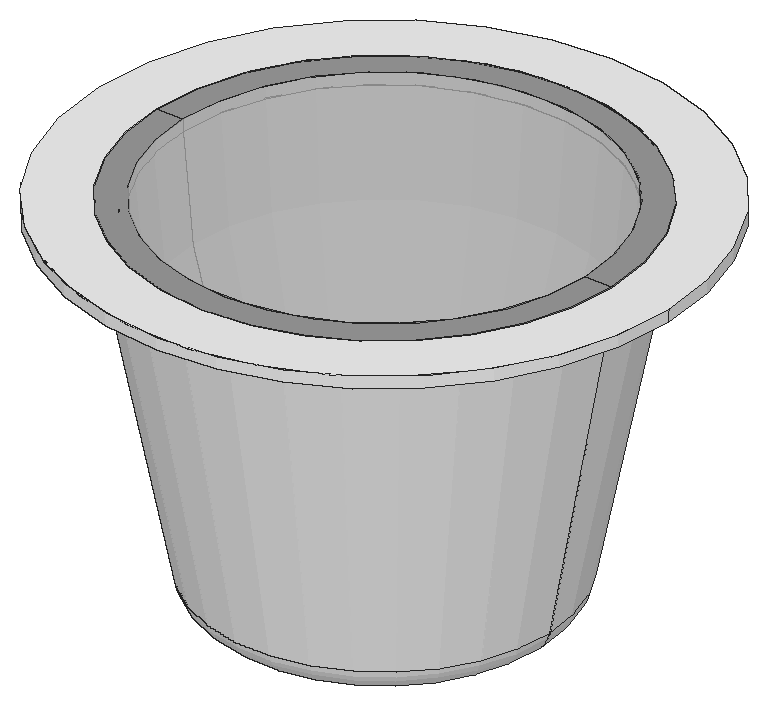
Revit family "2060511 Sylvania Lighting Fixture ASCENT100 II ARCH 900 3K STD EMG 120", category Lighting Fixtures, host Face, Revit 2016
Family settings
  Host = Face
  Part Type = Normal
  Round Connector Dimension = Use Diameter
  OmniClass Number = 23.80.70.11.17
  OmniClass Title = Specialized Lighting by Location or Use
  Cut with Voids When Loaded = No
  Light Source = Yes
  Shared = No
  Room Calculation Point = No
Parameters (values of type "2060511 ASCT100 II ARCH 900 3K STD EMG 120 Emergency mode")
  Weight = "1.43 kg"
  WarrantyStartDate [instance] = "n/a"
  WarrantyGuarantorParts = "n/a"
  WarrantyDurationUnit = "n/a"
  WarrantyDurationParts = "n/a"
  WarrantyDescription = "n/a"
  Voltage = 0 V
  TypeName = "ASCT100 II ARCH 900 3K STD EMG 120 Emergency mode"
  SerialNumber [instance] = "n/a"
  ReflectorRadius_SYL = Radius_SYL - 15.0 mm  # 60.0 mm
  PowerFactor = 0
  PowerConsumption = "10 W"
  NominalWidth = 0.0 mm
  NominalLength = 0.0 mm
  NominalHeight = 94.0 mm
  Name = "ASCT100 II ARCH 900 3K STD EMG 120 Emergency mode"
  ModelReference = "ASCT100 II ARCH 900 3K STD EMG 120 Emergency mode"
  ModelNumber = "2060511"
  Material_4_SYL = Aluminium_Sylvania_Ascent_Silver
  Radius_SYL = 75.0 mm
  Wattage = 1.84444 W
  built-in parameter 1150110 = 1 (stored number, unit not read)
  URL = "http://www.sylvania-lighting.com"
  built-in parameter 1114217 = 1 (stored number, unit not read)
  Tilt Angle = -90°
  built-in parameter 1150109 = 1 (stored number, unit not read)
  built-in parameter 1150134 = (empty or 0)
  built-in parameter 1150113 = 1 (stored number, unit not read)
  Photometric Web File = "2060511EM.ies"
  Material = "aluminium housing, acrylic diffuser"
  ManufacturerName = "Feilo Sylvania"
  LuminousEfficacy = "90 lm/W"
  LuminaireType = ""
  LightOutputRatio = "100"
  LampsType = Lamp  # "LED"
  LampNominalLuminous = "900 lm"
  LampMacAdamStep = "n/a"
  LampColourTemperature = "3000 K"
  LampColourRenderingIndex = "80"
  Keynote = "16500"
  InstallationDate [instance] = "n/a"
  InputVoltage = "n/a"
  InputNominalFrequency = "n/a"
  IngressProtection = "IP40"
  ImpactProtectionIndex = "IK02"
  IfcExportType = "IfcLightFixtureType"
  IfcExportAs = "IfcLightFixtureType"
  Height_SYL = 94.0 mm
  ExpectedLife = 50000
  Emit from Circle Diameter = 2 * DiffuserRadius_SYL  # 106.0 mm
  Emit Shape Visible in Rendering = no
  ElectricShockClassification = "Class II"
  DurationUnit = "hours"
  DocumentationLiterature = "http://www.sylvania-lighting.com/product/en-int/products/2060511"
  DimmingControlOptions = "n/a"
  DiffuserRadius_SYL = ReflectorRadius_SYL - 7.0 mm  # 53.0 mm
  Material_3_SYL = Polycarbonate_Sylvania_Ascent_Clear
  Diameter_SYL = 2 * Radius_SYL  # 150.0 mm
  CutoutDiameter_SYL = Diameter_SYL - 13.0 mm  # 137.0 mm
  CreatedOn = "9/17/2018"
  CreatedBy = "@sylvania-lighting.com"
  built-in parameter 1114216 [instance] = 1 (stored number, unit not read)
  Model = "ASCT100 II ARCH 900 3K STD EMG 120 Emergency mode"
  Manufacturer = "Feilo Sylvania"
  built-in parameter 1150105 = 13.21 (stored number, unit not read)
  Lumens = 166 lm
  built-in parameter 1150115 = 1 (stored number, unit not read)
  built-in parameter 1150137 = (empty or 0)
  built-in parameter 1150139 = (empty or 0)
  built-in parameter 1150112 = 1 (stored number, unit not read)
  built-in parameter 1150114 = 1 (stored number, unit not read)
  Lamp = "LED"
  built-in parameter 1150132 = 2
  built-in parameter 1150102 = (empty or 0)
  built-in parameter 1150107 = 3000 (stored number, unit not read)
  built-in parameter 1150138 = (empty or 0)
  built-in parameter 1150106 = 0.1321 (stored number, unit not read)
  Material_1_SYL = Aluminum_Sylvania_Ascent_White
  built-in parameter 1150104 = 8.3613 (stored number, unit not read)
  Dimming Lamp Color Temperature Shift = <None>
  Description = "Direct LED retro fit for original LED 100 Arch (120) single CFL lamp offering Matching lumen levels and improved light distribution of original LED 100 CFL lamp equivalents Typically half the power consumption compared to CFL Up to 104lm/W 120mm aperture Architectural reflector accepts range of glass accessories from existing LED 100 Arch 120 offering HE, HO and VHO versions equivalent of single 1 x 13W, 1 x 18W, 1 x 26W Additional VVHO versions which offer the performance circa 2 x 26W equivalent"  # constant formula
  Default Elevation = 0.0 mm
  Color Filter = 16777215
  built-in parameter 1140040 [instance] = 1
  BarCode [instance] = "n/a"
  built-in parameter 1114218 = 1 (stored number, unit not read)
  built-in parameter 1150133 = 10 (stored number, unit not read)
  AssetType = "Fixed"
  AssetIdentifier [instance] = "n/a"
  Assembly Code = "D5020200"
  Apparent Load = 1.84444 VA
  Aperture_SYL = 2 * ReflectorRadius_SYL  # 120.0 mm
  Material_2_SYL = Aluminum_Sylvania_Ascent_White
Types (2, lengths in mm): name | TypeName | Name | ModelReference | Wattage | Photometric Web File | Model | built-in parameter 1150105 | Lumens | built-in parameter 1150106 | Apparent Load
  2060511 ASCT100 II ARCH 900 3K STD EMG 120 Emergency mode | "ASCT100 II ARCH 900 3K STD EMG 120 Emergency mode" | "ASCT100 II ARCH 900 3K STD EMG 120 Emergency mode" | "ASCT100 II ARCH 900 3K STD EMG 120 Emergency mode" | 1.84444 W | "2060511EM.ies" | "ASCT100 II ARCH 900 3K STD EMG 120 Emergency mode" | 13.21 (stored number, unit not read) | 166 lm | 0.1321 (stored number, unit not read) | 1.84444 VA
  2060511 ASCT100 II ARCH 900 3K STD EMG 120 | "ASCENT100 II ARCH 900 3K STD EMG 120" | "ASCENT100 II ARCH 900 3K STD EMG 120" | "ASCENT100 II ARCH 900 3K STD EMG 120" | 10 W | "2060511.ies" | "ASCENT100 II ARCH 900 3K STD EMG 120" | 71.62 (stored number, unit not read) | 900 lm | 0.7162 (stored number, unit not read) | 10 VA
Reference planes
  plane 1 "Center (Front/Back)": y = 0
  plane 2: z = 0
  plane 3 "Center (Left/Right)": x = 0
  plane 4 "Fixture Bottom": z = 3
  plane 5: z = -52.5
  plane 6 "Fixture Top": z = -91
Forms (mm)
  Extrusion 1, solid, material "Aluminum_Sylvania_Ascent_White" <- "Material_2_SYL", detail levels fine
    sketch origin (0, 0, 0) x (1, 0, 0) y (0, 1, 0)
      loop
        circle (0, 0) r 75
      loop
        circle (0, 0) r 60
    from 0 to 3
  Extrusion 2, void
    sketch origin (0, 0, 0) x (1, 0, 0) y (0, 1, 0)
      loop
        circle (0, 0) r 68.5
    from -91 to 3
  Revolve 3, solid, material "Aluminum_Sylvania_Ascent_White" <- "Material_1_SYL", detail levels fine
    sketch origin (0, 0, 0) x (1, 0, 0) y (0, 0, 1)
      loop
        line (0, -91.073) -> (0, -89.023) -> (-35.468, -89.014)
        arc (-35.468, -89.014) -> (-39.352, -87.613) -> (-41.54, -84.139) r 6.307
        line (-41.54, -84.139) -> (-57.991, -2.844) -> (-57.991, 0) -> (-60, 0) -> (-60, -3) -> (-43.5, -84.536)
        arc (-43.5, -84.536) -> (-40.643, -89.203) -> (-35.5, -91.073) r 8.291
        line (-35.5, -91.073) -> (0, -91.073)
      axis (0, 0) -> (0, -91.073)
    angle from 0 to 360
  Revolve 4, solid, material "Aluminium_Sylvania_Ascent_Silver" <- "Material_4_SYL", detail levels fine
    sketch origin (0, 0, 0) x (1, 0, 0) y (0, 0, 1)
      loop
        line (-60, 3) -> (-60, 0) -> (-55, 0)
        arc (-55, 0) -> (-52.349, -26.77) -> (-44.5, -52.5) r 136.5
        line (-44.5, -52.5) -> (-38, -52.5)
        arc (-38, -52.5) -> (-36.857, -61.521) -> (-33.5, -69.971) r 36.166
        line (-33.5, -69.971) -> (0, -69.971) -> (0, -50.5) -> (-43.16, -50.5)
        arc (-43.16, -50.5) -> (-50.517, -25.725) -> (-53, 0) r 134.5
        line (-53, 0) -> (-53, 3) -> (-60, 3)
      axis (0, 3) -> (0, -69.971)
    angle from 0 to 360
  Extrusion 5, solid, material "Polycarbonate_Sylvania_Ascent_Clear" <- "Material_3_SYL", detail levels fine
    sketch origin (0, 0, 0) x (1, 0, 0) y (0, 1, 0)
      loop
        circle (0, 0) r 53
    from 0 to 3
  Revolve 6, solid, material "Aluminum_Sylvania_Ascent_White" <- "Material_2_SYL", detail levels coarse+medium
    sketch origin (0, 0, 0) x (1, 0, 0) y (0, 0, 1)
      loop
        line (0, -91.073) -> (0, 3) -> (-75, 3) -> (-75, 0) -> (-60, 0) -> (-60, -3) -> (-43.5, -84.536)
        arc (-43.5, -84.536) -> (-40.643, -89.203) -> (-35.5, -91.073) r 8.291
        line (-35.5, -91.073) -> (0, -91.073)
      axis (0, 3) -> (0, -91.073)
    angle from 0 to 360
Dimensions and locks
  locked: plane 4 "Fixture Bottom" to plane 2 at 3
  "Height_SYL": plane 4 "Fixture Bottom" to plane 6 "Fixture Top"
  "ReflectorRadius_SYL": plane 3 "Center (Left/Right)" to Revolve 4 sketch curve
  locked: Revolve 4 sketch curve to Revolve 4 sketch curve at 15.5
  locked: Revolve 4 sketch curve to Revolve 4 sketch curve at 5
  locked: Revolve 4 sketch curve to Revolve 4 sketch curve at 7
  locked: Revolve 4 sketch curve to Revolve 4 sketch curve at 22
  locked: Revolve 4 sketch curve to Revolve 4 sketch curve at 26.5
  locked: Revolve 3 sketch curve to Revolve 3 sketch curve at 16.5
  locked: Revolve 3 sketch curve to Revolve 3 sketch curve at 24.5
  "ReflectorRadius_SYL": Revolve 3 sketch curve to plane 3 "Center (Left/Right)"
  locked: Revolve 3 sketch curve to plane 6 "Fixture Top" at 6.464
  locked: plane 2 to Revolve 3 sketch curve at 3
  locked: Revolve 3 sketch curve to Revolve 3 sketch curve at 2
  locked: Revolve 3 sketch curve to Revolve 3 sketch curve at 2.009
  locked: plane 2 to plane 5 at 52.5
  locked: Revolve 6 sketch curve to Revolve 6 sketch curve at 31.5
  locked: Revolve 6 sketch curve to Revolve 6 sketch curve at 39.5
  locked: Revolve 6 sketch curve to Revolve 6 sketch curve at 15
  "Radius_SYL": plane 3 "Center (Left/Right)" to Revolve 6 sketch curve
  "CutoutDiameter_SYL": diameter of Extrusion 2 sketch curve
  "ReflectorRadius_SYL": radius of Extrusion 1 sketch curve
  "DiffuserRadius_SYL": radius of Extrusion 5 sketch curve
  "Radius_SYL": radius of Extrusion 1 sketch curve
  aligned and locked: host face to plane 2
  aligned and locked: host face to level
  aligned and locked: plane 1 "Center (Front/Back)" to imposter light
  aligned and locked: plane 3 "Center (Left/Right)" to imposter light
  aligned and locked: plane 4 "Fixture Bottom" to Extrusion 1
  aligned and locked: Extrusion 1 to plane 2
  aligned and locked: Revolve 3 sketch curve to plane 3 "Center (Left/Right)"
  aligned and locked: Revolve 4 sketch curve to plane 3 "Center (Left/Right)"  (x2)
  aligned and locked: plane 4 "Fixture Bottom" to Revolve 4 sketch curve
  aligned and locked: Revolve 3 sketch curve to imposter light
  aligned and locked: Extrusion 5 to plane 2
  aligned and locked: imposter light to Extrusion 5
  aligned and locked: plane 2 to Revolve 3 sketch curve  (x2)
  aligned and locked: Revolve 6 sketch curve to imposter light
  aligned and locked: Revolve 6 sketch curve to plane 3 "Center (Left/Right)"
  aligned and locked: plane 6 "Fixture Top" to Extrusion 2
  aligned and locked: imposter light to Extrusion 2
  aligned and locked: imposter light to plane 4 "Fixture Bottom"
Automatic sketch dimensions
  plane 1 "Center (Front/Back)" to Extrusion 2 sketch curve = 0.0 mm
  Extrusion 2 sketch curve to plane 3 "Center (Left/Right)" = 0.0 mm
  Extrusion 1 sketch curve to Extrusion 1 sketch curve = 0.0 mm  (x2)
  plane 1 "Center (Front/Back)" to Extrusion 1 sketch curve = 0.0 mm
  Extrusion 1 sketch curve to plane 3 "Center (Left/Right)" = 0.0 mm
  plane 6 "Fixture Top" to Revolve 3 sketch curve = 0.073 mm
  Revolve 3 sketch curve to plane 6 "Fixture Top" = 6.861 mm
  Revolve 3 sketch curve to Revolve 3 sketch curve = 0.003 mm
  Revolve 3 sketch curve to Revolve 3 sketch curve = 0.009 mm  (x2)
  Revolve 3 sketch curve to Revolve 3 sketch curve = 0.023 mm
  Revolve 3 sketch curve to Revolve 3 sketch curve = 0.072 mm
  Revolve 3 sketch curve to Revolve 3 sketch curve = 0.008 mm
  Revolve 3 sketch curve to plane 6 "Fixture Top" = 1.977 mm
  Revolve 3 sketch curve to Revolve 3 sketch curve = 33.496 mm
  Revolve 3 sketch curve to Revolve 3 sketch curve = 0.028 mm
  plane 4 "Fixture Bottom" to Revolve 3 sketch curve = 82.431 mm
  Revolve 4 sketch curve to Revolve 4 sketch curve = 0.0 mm  (x2)
  Revolve 4 sketch curve to plane 5 = 0.0 mm
  Revolve 4 sketch curve to level = 0.0 mm
  plane 5 to Revolve 4 sketch curve = 2.0 mm
  plane 4 "Fixture Bottom" to Revolve 4 sketch curve = 9.642 mm
  plane 1 "Center (Front/Back)" to Extrusion 5 sketch curve = 0.0 mm
  Extrusion 5 sketch curve to plane 3 "Center (Left/Right)" = 0.0 mm
  Revolve 4 sketch curve to level = 69.971 mm
  Revolve 4 sketch curve to Revolve 4 sketch curve = 2.387 mm
  Revolve 6 sketch curve to level = 0.0 mm
  Revolve 6 sketch curve to plane 3 "Center (Left/Right)" = 0.0 mm
  Revolve 6 sketch curve to Revolve 6 sketch curve = 8.104 mm
  Revolve 6 sketch curve to level = 3.0 mm
  Revolve 6 sketch curve to plane 6 "Fixture Top" = 6.464 mm
  plane 6 "Fixture Top" to Revolve 6 sketch curve = 0.073 mm
  Revolve 6 sketch curve to Revolve 6 sketch curve = 33.496 mm
  plane 4 "Fixture Bottom" to Revolve 6 sketch curve = 82.431 mm
  host sketch curve to host sketch curve = 1368.192 mm
  host sketch curve to host sketch curve = 1600.367 mm
Connectors
  electrical at (0, 0, -91.073), driven by "Apparent Load"
    settings: on Revolve 3, index 1, voltage 240 V, apparent load 0 VA, apparent load phase1 1.84444 VA, apparent load phase2 0 VA, apparent load phase3 0 VA, power factor 1, load classification "Lighting", number of poles 1, system type 31, power factor state 1, is connector primary yes, connector utility no, sub classification motor no, connector description ""
